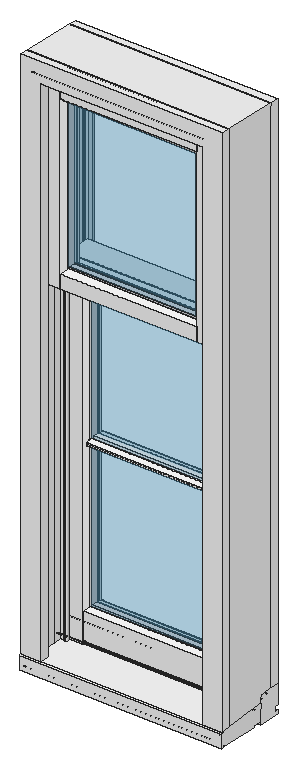
Revit family "S1-12", category Generic Models, Revit 2012 (continued)
Automatic sketch dimensions
  Extrusion 30 sketch curve to Extrusion 30 sketch curve = 9 mm  (x2)
  plane 1 "Center (Front/Back)" to Extrusion 30 sketch curve = 6 mm
  Extrusion 30 sketch curve to Extrusion 30 sketch curve = 34 mm
  Extrusion 30 sketch curve to Extrusion 30 sketch curve = 6 mm
  Extrusion 30 sketch curve to Extrusion 30 sketch curve = 10 mm  (x2)
  Extrusion 30 sketch curve to Extrusion 30 sketch curve = 5 mm
  plane 10 to Extrusion 30 sketch curve = 13 mm
  Extrusion 30 sketch curve to Extrusion 30 sketch curve = 2 mm
  Extrusion 32 sketch curve to plane 18 = 0 mm  (x3)
  Extrusion 32 sketch curve to plane 18 = 3 mm  (x2)
  Extrusion 32 sketch curve to Extrusion 32 sketch curve = 3 mm  (x2)
  Extrusion 32 sketch curve to plane 18 = 9 mm
  Extrusion 32 sketch curve to Extrusion 32 sketch curve = 31 mm
  Extrusion 32 sketch curve to plane 1 "Center (Front/Back)" = 5 mm
  Extrusion 32 sketch curve to Extrusion 32 sketch curve = 6 mm
  Extrusion 32 sketch curve to Extrusion 32 sketch curve = 10 mm  (x3)
  Extrusion 32 sketch curve to Extrusion 32 sketch curve = 5 mm
  Extrusion 32 sketch curve to Extrusion 32 sketch curve = 12 mm
  Extrusion 32 sketch curve to Extrusion 32 sketch curve = 9 mm
  Extrusion 32 sketch curve to plane 9 = 5 mm
  plane 4 to Sweep 34 sketch curve = 0.101 mm  (x2)
  profile plane to Sweep 34 sketch curve = 0 mm
  profile plane to Sweep 34 sketch curve = 15 mm  (x2)
  Sweep 34 sketch curve to Sweep 34 sketch curve = 8 mm  (x2)
  Sweep 34 sketch curve to profile plane = 4 mm
  profile plane to Sweep 34 sketch curve = 25 mm
  Sweep 34 sketch curve to Sweep 34 sketch curve = 3.765 mm
  Sweep 34 sketch curve to Sweep 34 sketch curve = 0.669 mm  (x3)
  Sweep 34 sketch curve to Sweep 34 sketch curve = 9 mm  (x2)
  Sweep 34 sketch curve to Sweep 34 sketch curve = 0 mm  (x3)
  Sweep 34 sketch curve to profile plane = 67 mm
  Sweep 34 sketch curve to Sweep 34 sketch curve = 5 mm  (x2)
  profile plane to Sweep 34 sketch curve = 4 mm
  Sweep 34 sketch curve to Sweep 34 sketch curve = 14.851 mm
  Sweep 34 sketch curve to Sweep 34 sketch curve = 1.898 mm
  Sweep 34 sketch curve to Sweep 34 sketch curve = 2.674 mm
  Sweep 34 sketch curve to Sweep 34 sketch curve = 43.577 mm
  plane 1 "Center (Front/Back)" to Sweep 35 sketch curve = 0 mm
  plane 6 to Sweep 35 sketch curve = 30 mm
  plane 8 to Sweep 35 sketch curve = 89 mm
  profile plane to Sweep 35 sketch curve = 30.213 mm
  profile plane to Sweep 35 sketch curve = 103.128 mm
  Sweep 35 sketch curve to Sweep 35 sketch curve = 12.055 mm
  profile plane to Sweep 35 sketch curve = 33.089 mm
  Sweep 35 sketch curve to Sweep 35 sketch curve = 2.633 mm
  Sweep 35 sketch curve to Sweep 35 sketch curve = 0.366 mm
  Sweep 35 sketch curve to profile plane = 6.667 mm
  Sweep 35 sketch curve to Sweep 35 sketch curve = 3.377 mm
  Sweep 35 sketch curve to Sweep 35 sketch curve = 1.757 mm
  Sweep 35 sketch curve to Sweep 35 sketch curve = 0.707 mm
  Sweep 35 sketch curve to Sweep 35 sketch curve = 0.579 mm
  Sweep 35 sketch curve to Sweep 35 sketch curve = 19.827 mm
  Sweep 35 sketch curve to Sweep 35 sketch curve = 13.588 mm
  Sweep 35 sketch curve to Sweep 35 sketch curve = 3.821 mm
  Sweep 35 sketch curve to Sweep 35 sketch curve = 0.535 mm
  Sweep 35 sketch curve to Sweep 35 sketch curve = 1.783 mm
  Sweep 35 sketch curve to Sweep 35 sketch curve = 0.699 mm
  Sweep 35 sketch curve to Sweep 35 sketch curve = 0.899 mm
  Sweep 35 sketch curve to Sweep 35 sketch curve = 12.674 mm
  Sweep 35 sketch curve to Sweep 35 sketch curve = 34.959 mm
  Sweep 35 sketch curve to profile plane = 6.095 mm
  profile plane to Sweep 35 sketch curve = 40.898 mm
  Sweep 35 sketch curve to Sweep 35 sketch curve = 0.998 mm
  Sweep 35 sketch curve to Sweep 35 sketch curve = 3.869 mm
  Sweep 35 sketch curve to Sweep 35 sketch curve = 0.585 mm
  Sweep 35 sketch curve to Sweep 35 sketch curve = 5.119 mm
  Sweep 35 sketch curve to Sweep 35 sketch curve = 4.913 mm
  Sweep 35 sketch curve to Sweep 35 sketch curve = 3 mm
  Sweep 35 sketch curve to Sweep 35 sketch curve = 1.935 mm
  Sweep 35 sketch curve to Sweep 35 sketch curve = 0.995 mm
  Sweep 35 sketch curve to Sweep 35 sketch curve = 4.893 mm
  Sweep 35 sketch curve to Sweep 35 sketch curve = 3.46 mm
  Sweep 35 sketch curve to Sweep 35 sketch curve = 0.171 mm
  Sweep 35 sketch curve to Sweep 35 sketch curve = 0.66 mm
  Sweep 35 sketch curve to Sweep 35 sketch curve = 5.34 mm
  Extrusion 36 sketch curve to plane 31 = 2 mm
  Extrusion 36 sketch curve to plane 34 = 10 mm  (x2)
  Extrusion 36 sketch curve to Extrusion 36 sketch curve = 2 mm  (x4)
  Extrusion 36 sketch curve to plane 34 = 2.5 mm  (x2)
  plane 34 to Extrusion 36 sketch curve = 2.5 mm  (x2)
  plane 34 to Extrusion 36 sketch curve = 8 mm
  plane 34 to Extrusion 36 sketch curve = 10 mm
  Extrusion 36 sketch curve to Extrusion 36 sketch curve = 2.8 mm  (x2)
  Extrusion 36 sketch curve to plane 1 "Center (Front/Back)" = 8.038 mm
  Extrusion 36 sketch curve to Extrusion 36 sketch curve = 0 mm
  plane 31 to Extrusion 36 sketch curve = 6 mm
  Extrusion 36 sketch curve to Extrusion 36 sketch curve = 2.5 mm  (x2)
  Extrusion 36 sketch curve to plane 9 = 4.008 mm  (x2)
  Extrusion 38 sketch curve to plane 9 = 16.587 mm
  Extrusion 38 sketch curve to Extrusion 38 sketch curve = 0.838 mm
  Extrusion 38 sketch curve to Extrusion 38 sketch curve = 0.12 mm
  Extrusion 38 sketch curve to Extrusion 38 sketch curve = 4.013 mm
  Extrusion 38 sketch curve to Extrusion 38 sketch curve = 0.852 mm
  Extrusion 38 sketch curve to Extrusion 38 sketch curve = 0.391 mm
  Extrusion 38 sketch curve to Extrusion 38 sketch curve = 1.04 mm
  plane 4 to Extrusion 38 sketch curve = 34.388 mm
  Extrusion 38 sketch curve to Extrusion 38 sketch curve = 0.368 mm
  Extrusion 38 sketch curve to Extrusion 38 sketch curve = 0.593 mm
  Extrusion 38 sketch curve to Extrusion 38 sketch curve = 0.96 mm
  Extrusion 38 sketch curve to Extrusion 38 sketch curve = 0.868 mm
  Extrusion 38 sketch curve to Extrusion 38 sketch curve = 4.578 mm
  Extrusion 38 sketch curve to Extrusion 38 sketch curve = 0.826 mm
  Extrusion 38 sketch curve to Extrusion 38 sketch curve = 0.954 mm
  Extrusion 38 sketch curve to Extrusion 38 sketch curve = 0.729 mm
  Extrusion 39 sketch curve to Extrusion 39 sketch curve = 0 mm  (x6)
  Extrusion 39 sketch curve to plane 9 = 19.949 mm
  Extrusion 39 sketch curve to Extrusion 39 sketch curve = 0.504 mm
  Extrusion 39 sketch curve to Extrusion 39 sketch curve = 0.692 mm
  Extrusion 39 sketch curve to Extrusion 39 sketch curve = 0.009 mm
  Extrusion 39 sketch curve to Extrusion 39 sketch curve = 2.715 mm
  Extrusion 39 sketch curve to Extrusion 39 sketch curve = 0.308 mm  (x2)
  Extrusion 39 sketch curve to Extrusion 39 sketch curve = 0.273 mm
  Extrusion 39 sketch curve to Extrusion 39 sketch curve = 0.062 mm  (x2)
  Extrusion 39 sketch curve to Extrusion 39 sketch curve = 0.085 mm
  Extrusion 39 sketch curve to Extrusion 39 sketch curve = 2.389 mm
  Extrusion 39 sketch curve to Extrusion 39 sketch curve = 4.624 mm
  Extrusion 39 sketch curve to Extrusion 39 sketch curve = 0.414 mm
  Extrusion 39 sketch curve to Extrusion 39 sketch curve = 0.507 mm
  Extrusion 39 sketch curve to Extrusion 39 sketch curve = 0.347 mm
  Extrusion 39 sketch curve to Extrusion 39 sketch curve = 4.117 mm
  Extrusion 39 sketch curve to Extrusion 39 sketch curve = 0.122 mm
  Extrusion 39 sketch curve to Extrusion 39 sketch curve = 3.078 mm
  Extrusion 39 sketch curve to Extrusion 39 sketch curve = 0.981 mm
  Extrusion 39 sketch curve to Extrusion 39 sketch curve = 0.5 mm
  plane 4 to Extrusion 39 sketch curve = 28.091 mm
  Extrusion 39 sketch curve to Extrusion 39 sketch curve = 0.394 mm  (x2)
  Extrusion 39 sketch curve to Extrusion 39 sketch curve = 0.501 mm
  Extrusion 39 sketch curve to Extrusion 39 sketch curve = 3.233 mm
  Extrusion 39 sketch curve to Extrusion 39 sketch curve = 0.097 mm
  Extrusion 39 sketch curve to Extrusion 39 sketch curve = 0.246 mm
  Extrusion 39 sketch curve to Extrusion 39 sketch curve = 0.537 mm
  Extrusion 39 sketch curve to Extrusion 39 sketch curve = 0.53 mm
  Extrusion 39 sketch curve to Extrusion 39 sketch curve = 2.566 mm
  Extrusion 39 sketch curve to Extrusion 39 sketch curve = 0.002 mm
  Extrusion 39 sketch curve to Extrusion 39 sketch curve = 1.017 mm
  Extrusion 39 sketch curve to Extrusion 39 sketch curve = 0.43 mm
  Extrusion 39 sketch curve to Extrusion 39 sketch curve = 3.279 mm
  Extrusion 39 sketch curve to Extrusion 39 sketch curve = 0.955 mm
  Extrusion 39 sketch curve to Extrusion 39 sketch curve = 1.205 mm
  Extrusion 40 sketch curve to plane 1 "Center (Front/Back)" = 9.582 mm
  Extrusion 40 sketch curve to Extrusion 40 sketch curve = 0.838 mm
  Extrusion 40 sketch curve to Extrusion 40 sketch curve = 0.12 mm
  Extrusion 40 sketch curve to Extrusion 40 sketch curve = 4.013 mm
  Extrusion 40 sketch curve to Extrusion 40 sketch curve = 0.852 mm
  Extrusion 40 sketch curve to Extrusion 40 sketch curve = 0.391 mm
  Extrusion 40 sketch curve to Extrusion 40 sketch curve = 1.04 mm
  plane 4 to Extrusion 40 sketch curve = 14.358 mm
  Extrusion 40 sketch curve to Extrusion 40 sketch curve = 0.368 mm
  Extrusion 40 sketch curve to Extrusion 40 sketch curve = 0.593 mm
  Extrusion 40 sketch curve to Extrusion 40 sketch curve = 0.96 mm
  Extrusion 40 sketch curve to Extrusion 40 sketch curve = 0.868 mm
  Extrusion 40 sketch curve to Extrusion 40 sketch curve = 4.578 mm
  Extrusion 40 sketch curve to Extrusion 40 sketch curve = 0.826 mm
  Extrusion 40 sketch curve to Extrusion 40 sketch curve = 0.954 mm
  Extrusion 40 sketch curve to Extrusion 40 sketch curve = 0.729 mm
  Extrusion 41 sketch curve to Extrusion 41 sketch curve = 0 mm  (x6)
  Extrusion 41 sketch curve to plane 1 "Center (Front/Back)" = 6.219 mm
  Extrusion 41 sketch curve to Extrusion 41 sketch curve = 0.504 mm
  Extrusion 41 sketch curve to Extrusion 41 sketch curve = 0.692 mm
  Extrusion 41 sketch curve to Extrusion 41 sketch curve = 0.009 mm
  Extrusion 41 sketch curve to Extrusion 41 sketch curve = 2.715 mm
  Extrusion 41 sketch curve to Extrusion 41 sketch curve = 0.308 mm  (x2)
  Extrusion 41 sketch curve to Extrusion 41 sketch curve = 0.273 mm
  Extrusion 41 sketch curve to Extrusion 41 sketch curve = 0.062 mm  (x2)
  Extrusion 41 sketch curve to Extrusion 41 sketch curve = 0.085 mm
  Extrusion 41 sketch curve to Extrusion 41 sketch curve = 2.389 mm
  Extrusion 41 sketch curve to Extrusion 41 sketch curve = 4.624 mm
  Extrusion 41 sketch curve to Extrusion 41 sketch curve = 0.414 mm
  plane 4 to Extrusion 41 sketch curve = 9.363 mm
  Extrusion 41 sketch curve to Extrusion 41 sketch curve = 0.507 mm
  Extrusion 41 sketch curve to Extrusion 41 sketch curve = 0.347 mm
  Extrusion 41 sketch curve to Extrusion 41 sketch curve = 4.117 mm
  Extrusion 41 sketch curve to Extrusion 41 sketch curve = 0.122 mm
  Extrusion 41 sketch curve to Extrusion 41 sketch curve = 3.078 mm
  Extrusion 41 sketch curve to Extrusion 41 sketch curve = 0.981 mm
  Extrusion 41 sketch curve to Extrusion 41 sketch curve = 0.5 mm
  Extrusion 41 sketch curve to Extrusion 41 sketch curve = 0.407 mm
  Extrusion 41 sketch curve to Extrusion 41 sketch curve = 0.394 mm  (x2)
  Extrusion 41 sketch curve to Extrusion 41 sketch curve = 3.233 mm
  Extrusion 41 sketch curve to Extrusion 41 sketch curve = 0.097 mm
  Extrusion 41 sketch curve to Extrusion 41 sketch curve = 0.246 mm
  Extrusion 41 sketch curve to Extrusion 41 sketch curve = 0.537 mm
  Extrusion 41 sketch curve to Extrusion 41 sketch curve = 0.53 mm
  Extrusion 41 sketch curve to Extrusion 41 sketch curve = 2.566 mm
  Extrusion 41 sketch curve to Extrusion 41 sketch curve = 0.002 mm
  Extrusion 41 sketch curve to Extrusion 41 sketch curve = 1.017 mm
  Extrusion 41 sketch curve to Extrusion 41 sketch curve = 0.43 mm
  Extrusion 41 sketch curve to Extrusion 41 sketch curve = 3.279 mm
  Extrusion 41 sketch curve to Extrusion 41 sketch curve = 0.955 mm
  Extrusion 41 sketch curve to Extrusion 41 sketch curve = 1.205 mm
  Extrusion 42 sketch curve to plane 30 = 4.964 mm
  Extrusion 42 sketch curve to Extrusion 42 sketch curve = 0.838 mm
  Extrusion 42 sketch curve to Extrusion 42 sketch curve = 0.12 mm
  plane 29 to Extrusion 42 sketch curve = 0.186 mm
  Extrusion 42 sketch curve to plane 29 = 0.667 mm
  Extrusion 42 sketch curve to Extrusion 42 sketch curve = 0.391 mm
  Extrusion 42 sketch curve to Extrusion 42 sketch curve = 1.04 mm
  Extrusion 42 sketch curve to plane 1 "Center (Front/Back)" = 2.891 mm
  Extrusion 42 sketch curve to Extrusion 42 sketch curve = 0.368 mm
  Extrusion 42 sketch curve to plane 1 "Center (Front/Back)" = 3.484 mm
  Extrusion 42 sketch curve to Extrusion 42 sketch curve = 0.96 mm
  Extrusion 42 sketch curve to Extrusion 42 sketch curve = 0.868 mm
  Extrusion 42 sketch curve to Extrusion 42 sketch curve = 4.578 mm
  Extrusion 42 sketch curve to Extrusion 42 sketch curve = 0.826 mm
  Extrusion 42 sketch curve to Extrusion 42 sketch curve = 0.954 mm
  Extrusion 42 sketch curve to Extrusion 42 sketch curve = 0.729 mm
  Extrusion 43 sketch curve to Extrusion 43 sketch curve = 0 mm  (x6)
  Extrusion 43 sketch curve to plane 30 = 1.601 mm
  Extrusion 43 sketch curve to Extrusion 43 sketch curve = 0.504 mm
  Extrusion 43 sketch curve to Extrusion 43 sketch curve = 0.692 mm
  Extrusion 43 sketch curve to Extrusion 43 sketch curve = 0.009 mm
  Extrusion 43 sketch curve to plane 1 "Center (Front/Back)" = 0.723 mm
  Extrusion 43 sketch curve to Extrusion 43 sketch curve = 2.715 mm
  Extrusion 43 sketch curve to plane 1 "Center (Front/Back)" = 1.117 mm
  Extrusion 43 sketch curve to Extrusion 43 sketch curve = 0.308 mm  (x2)
  Extrusion 43 sketch curve to plane 1 "Center (Front/Back)" = 2.826 mm
  Extrusion 43 sketch curve to Extrusion 43 sketch curve = 0.273 mm
  Extrusion 43 sketch curve to Extrusion 43 sketch curve = 0.062 mm
  Extrusion 43 sketch curve to Extrusion 43 sketch curve = 0.085 mm
  plane 29 to Extrusion 43 sketch curve = 2.791 mm
  plane 29 to Extrusion 43 sketch curve = 2.579 mm
  Extrusion 43 sketch curve to Extrusion 43 sketch curve = 0.414 mm
  Extrusion 43 sketch curve to Extrusion 43 sketch curve = 0.507 mm
  Extrusion 43 sketch curve to Extrusion 43 sketch curve = 0.347 mm
  plane 29 to Extrusion 43 sketch curve = 0.482 mm
  plane 29 to Extrusion 43 sketch curve = 0.361 mm
  plane 29 to Extrusion 43 sketch curve = 0.299 mm
  Extrusion 43 sketch curve to plane 29 = 0.499 mm  (x2)
  Extrusion 43 sketch curve to plane 29 = 0.999 mm
  plane 1 "Center (Front/Back)" to Extrusion 43 sketch curve = 1.74 mm
  Extrusion 43 sketch curve to Extrusion 43 sketch curve = 0.363 mm
  Extrusion 43 sketch curve to Extrusion 43 sketch curve = 0.407 mm
  Extrusion 43 sketch curve to plane 1 "Center (Front/Back)" = 0.82 mm
  Extrusion 43 sketch curve to Extrusion 43 sketch curve = 0.246 mm
  Extrusion 43 sketch curve to plane 1 "Center (Front/Back)" = 2.86 mm
  Extrusion 43 sketch curve to Extrusion 43 sketch curve = 2.566 mm
  Extrusion 43 sketch curve to Extrusion 43 sketch curve = 0.002 mm
  Extrusion 43 sketch curve to Extrusion 43 sketch curve = 1.017 mm
  Extrusion 43 sketch curve to Extrusion 43 sketch curve = 0.43 mm
  Extrusion 43 sketch curve to Extrusion 43 sketch curve = 3.279 mm
  Extrusion 43 sketch curve to Extrusion 43 sketch curve = 0.955 mm
  Extrusion 43 sketch curve to Extrusion 43 sketch curve = 1.205 mm
  plane 29 to Extrusion 44 sketch curve = 1.928 mm
  Extrusion 44 sketch curve to Extrusion 44 sketch curve = 0.702 mm
  Extrusion 44 sketch curve to Extrusion 44 sketch curve = 0.075 mm
  Extrusion 44 sketch curve to plane 30 = 2.414 mm
  Extrusion 44 sketch curve to Extrusion 44 sketch curve = 0.606 mm
  Extrusion 44 sketch curve to Extrusion 44 sketch curve = 0.637 mm
  Extrusion 44 sketch curve to plane 30 = 0.131 mm
  plane 1 "Center (Front/Back)" to Extrusion 44 sketch curve = 4.221 mm
  Extrusion 44 sketch curve to Extrusion 44 sketch curve = 0.208 mm
  Extrusion 44 sketch curve to Extrusion 44 sketch curve = 0.602 mm
  plane 1 "Center (Front/Back)" to Extrusion 44 sketch curve = 4.907 mm
  Extrusion 44 sketch curve to Extrusion 44 sketch curve = 0.535 mm
  Extrusion 44 sketch curve to Extrusion 44 sketch curve = 4.439 mm
  Extrusion 44 sketch curve to Extrusion 44 sketch curve = 0.954 mm
  Extrusion 44 sketch curve to Extrusion 44 sketch curve = 0.013 mm
  Extrusion 44 sketch curve to Extrusion 44 sketch curve = 0.587 mm
  Extrusion 45 sketch curve to Extrusion 45 sketch curve = 0 mm  (x2)
  Extrusion 45 sketch curve to plane 29 = 1.755 mm
  Extrusion 45 sketch curve to Extrusion 45 sketch curve = 0.5 mm
  plane 29 to Extrusion 45 sketch curve = 0.86 mm
  Extrusion 45 sketch curve to Extrusion 45 sketch curve = 0.355 mm
  plane 29 to Extrusion 45 sketch curve = 1.281 mm
  Extrusion 45 sketch curve to Extrusion 45 sketch curve = 0.426 mm
  Extrusion 45 sketch curve to Extrusion 45 sketch curve = 0.854 mm
  Extrusion 45 sketch curve to Extrusion 45 sketch curve = 0.002 mm
  plane 29 to Extrusion 45 sketch curve = 3.209 mm
  Extrusion 45 sketch curve to Extrusion 45 sketch curve = 0.288 mm
  Extrusion 45 sketch curve to Extrusion 45 sketch curve = 0.248 mm
  Extrusion 45 sketch curve to plane 1 "Center (Front/Back)" = 1.164 mm
  Extrusion 45 sketch curve to Extrusion 45 sketch curve = 0.374 mm
  Extrusion 45 sketch curve to plane 1 "Center (Front/Back)" = 0.818 mm
  Extrusion 45 sketch curve to Extrusion 45 sketch curve = 0.37 mm
  Extrusion 45 sketch curve to plane 30 = 4.807 mm
  Extrusion 45 sketch curve to plane 30 = 2.242 mm
  Extrusion 45 sketch curve to Extrusion 45 sketch curve = 0.163 mm
  Extrusion 45 sketch curve to Extrusion 45 sketch curve = 0.02 mm
  Extrusion 45 sketch curve to Extrusion 45 sketch curve = 0.042 mm
  Extrusion 45 sketch curve to Extrusion 45 sketch curve = 0.434 mm
  Extrusion 45 sketch curve to plane 30 = 0.761 mm
  Extrusion 45 sketch curve to Extrusion 45 sketch curve = 0.215 mm
  plane 1 "Center (Front/Back)" to Extrusion 45 sketch curve = 1.352 mm
  plane 1 "Center (Front/Back)" to Extrusion 45 sketch curve = 1.375 mm
  Extrusion 45 sketch curve to Extrusion 45 sketch curve = 0.26 mm
  Extrusion 45 sketch curve to Extrusion 45 sketch curve = 0.366 mm
  Extrusion 45 sketch curve to Extrusion 45 sketch curve = 0.77 mm
  Extrusion 45 sketch curve to Extrusion 45 sketch curve = 0.041 mm
  plane 1 "Center (Front/Back)" to Extrusion 45 sketch curve = 4.382 mm
  Extrusion 45 sketch curve to Extrusion 45 sketch curve = 0.497 mm
  Extrusion 45 sketch curve to Extrusion 45 sketch curve = 0.336 mm
  Extrusion 45 sketch curve to Extrusion 45 sketch curve = 0.124 mm
  Extrusion 45 sketch curve to Extrusion 45 sketch curve = 4.03 mm
  Extrusion 45 sketch curve to Extrusion 45 sketch curve = 0.955 mm
  Extrusion 45 sketch curve to Extrusion 45 sketch curve = 1.238 mm
  plane 14 to Extrusion 46 sketch curve = 0.791 mm
  plane 1 "Center (Front/Back)" to Extrusion 46 sketch curve = 21.462 mm
  Extrusion 46 sketch curve to Extrusion 46 sketch curve = 0.783 mm
  Extrusion 46 sketch curve to Extrusion 46 sketch curve = 0.015 mm
  plane 14 to Extrusion 46 sketch curve = 0.501 mm
  Extrusion 46 sketch curve to Extrusion 46 sketch curve = 5.086 mm
  Extrusion 46 sketch curve to Extrusion 46 sketch curve = 0.852 mm  (x2)
  Extrusion 46 sketch curve to Extrusion 46 sketch curve = 1.04 mm
  Extrusion 46 sketch curve to plane 14 = 2.372 mm
  Extrusion 46 sketch curve to Extrusion 46 sketch curve = 0.6 mm
  Extrusion 46 sketch curve to Extrusion 46 sketch curve = 0.954 mm  (x2)
  Extrusion 46 sketch curve to Extrusion 46 sketch curve = 0.545 mm
  Extrusion 47 sketch curve to Extrusion 47 sketch curve = 0 mm  (x10)
  Extrusion 47 sketch curve to plane 13 = 1.116 mm
  plane 1 "Center (Front/Back)" to Extrusion 47 sketch curve = 24.539 mm
  Extrusion 47 sketch curve to plane 13 = 1.323 mm
  Extrusion 47 sketch curve to Extrusion 47 sketch curve = 0.5 mm  (x4)
  Extrusion 47 sketch curve to plane 13 = 0.205 mm
  Extrusion 47 sketch curve to Extrusion 47 sketch curve = 2.378 mm
  Extrusion 47 sketch curve to plane 13 = 0.559 mm
  Extrusion 47 sketch curve to Extrusion 47 sketch curve = 0.354 mm  (x3)
  Extrusion 47 sketch curve to Extrusion 47 sketch curve = 0.707 mm
  plane 13 to Extrusion 47 sketch curve = 3.235 mm
  Extrusion 47 sketch curve to Extrusion 47 sketch curve = 1.473 mm
  plane 13 to Extrusion 47 sketch curve = 2.882 mm
  Extrusion 47 sketch curve to Extrusion 47 sketch curve = 0.315 mm  (x2)
  Extrusion 47 sketch curve to Extrusion 47 sketch curve = 2.239 mm
  Extrusion 47 sketch curve to Extrusion 47 sketch curve = 0.32 mm
  Extrusion 47 sketch curve to plane 14 = 0 mm
  Extrusion 47 sketch curve to Extrusion 47 sketch curve = 1.581 mm
  Extrusion 47 sketch curve to Extrusion 47 sketch curve = 0.136 mm
  Extrusion 47 sketch curve to Extrusion 47 sketch curve = 0.899 mm
  Extrusion 47 sketch curve to plane 14 = 1.354 mm
  Extrusion 47 sketch curve to Extrusion 47 sketch curve = 1.177 mm
  Extrusion 47 sketch curve to Extrusion 47 sketch curve = 0.886 mm
  Extrusion 47 sketch curve to Extrusion 47 sketch curve = 2.346 mm
  Extrusion 47 sketch curve to Extrusion 47 sketch curve = 0.069 mm
  Extrusion 47 sketch curve to Extrusion 47 sketch curve = 0.388 mm
  Extrusion 47 sketch curve to plane 14 = 0.481 mm
  plane 14 to Extrusion 47 sketch curve = 0.734 mm
  Extrusion 47 sketch curve to Extrusion 47 sketch curve = 0.984 mm
  Extrusion 48 sketch curve to plane 10 = 0 mm  (x2)
  Extrusion 48 sketch curve to plane 10 = 0.972 mm  (x2)
  Extrusion 48 sketch curve to Extrusion 48 sketch curve = 1.528 mm
  Extrusion 48 sketch curve to Extrusion 48 sketch curve = 0.5 mm  (x2)
  Extrusion 48 sketch curve to Extrusion 48 sketch curve = 0.574 mm  (x2)
  Extrusion 48 sketch curve to Extrusion 48 sketch curve = 0.813 mm
  Extrusion 48 sketch curve to Extrusion 48 sketch curve = 0 mm  (x5)
  Extrusion 48 sketch curve to Extrusion 48 sketch curve = 0.85 mm
  Extrusion 48 sketch curve to Extrusion 48 sketch curve = 0.61 mm
  Extrusion 48 sketch curve to Extrusion 48 sketch curve = 0.895 mm  (x4)
  Extrusion 48 sketch curve to Extrusion 48 sketch curve = 1.681 mm
  Extrusion 48 sketch curve to plane 14 = 9.014 mm
  Extrusion 48 sketch curve to Extrusion 48 sketch curve = 1 mm  (x2)
  Extrusion 48 sketch curve to Extrusion 48 sketch curve = 1.25 mm  (x3)
  Extrusion 48 sketch curve to Extrusion 48 sketch curve = 0.028 mm
  Extrusion 48 sketch curve to Extrusion 48 sketch curve = 0.867 mm  (x2)
  Extrusion 48 sketch curve to Extrusion 48 sketch curve = 0.355 mm
  Extrusion 48 sketch curve to Extrusion 48 sketch curve = 0.71 mm  (x2)
  Extrusion 48 sketch curve to Extrusion 48 sketch curve = 2.5 mm
  Extrusion 49 sketch curve to plane 10 = 2.5 mm
  Extrusion 49 sketch curve to plane 10 = 0.972 mm  (x2)
  plane 10 to Extrusion 49 sketch curve = 0.273 mm  (x2)
  Extrusion 49 sketch curve to Extrusion 49 sketch curve = 4.772 mm
  Extrusion 49 sketch curve to Extrusion 49 sketch curve = 0 mm  (x2)
  Extrusion 49 sketch curve to Extrusion 49 sketch curve = 0.921 mm  (x3)
  Extrusion 49 sketch curve to plane 14 = 8.014 mm
  Extrusion 49 sketch curve to Extrusion 49 sketch curve = 1.255 mm
  Extrusion 49 sketch curve to Extrusion 49 sketch curve = 0.719 mm  (x2)
  Extrusion 49 sketch curve to Extrusion 49 sketch curve = 1.052 mm
  Extrusion 49 sketch curve to Extrusion 49 sketch curve = 3.157 mm
  Extrusion 49 sketch curve to Extrusion 49 sketch curve = 1.974 mm
  Extrusion 50 sketch curve to plane 14 = 1.188 mm
  Extrusion 50 sketch curve to plane 14 = 2.109 mm
  Extrusion 50 sketch curve to Extrusion 50 sketch curve = 0.921 mm  (x3)
  plane 9 to Extrusion 50 sketch curve = 0.254 mm  (x2)
  Extrusion 50 sketch curve to Extrusion 50 sketch curve = 1.273 mm
  plane 9 to Extrusion 50 sketch curve = 1.526 mm
  Extrusion 50 sketch curve to plane 14 = 2.443 mm
  Extrusion 50 sketch curve to Extrusion 50 sketch curve = 0.735 mm  (x2)
  Extrusion 50 sketch curve to Extrusion 50 sketch curve = 0.609 mm
  Extrusion 50 sketch curve to Extrusion 50 sketch curve = 1.461 mm
  Extrusion 50 sketch curve to plane 14 = 0.982 mm
  Extrusion 50 sketch curve to plane 9 = 4.518 mm
  Extrusion 50 sketch curve to Extrusion 50 sketch curve = 1.5 mm
  Extrusion 50 sketch curve to Extrusion 50 sketch curve = 3.668 mm
  Extrusion 51 sketch curve to Extrusion 51 sketch curve = 0.921 mm  (x4)
  plane 1 "Center (Front/Back)" to Extrusion 51 sketch curve = 3.908 mm
  Extrusion 51 sketch curve to Extrusion 51 sketch curve = 0 mm
  Extrusion 51 sketch curve to Extrusion 51 sketch curve = 1.273 mm
  plane 1 "Center (Front/Back)" to Extrusion 51 sketch curve = 2.635 mm
  Extrusion 51 sketch curve to plane 14 = 11.193 mm
  Extrusion 51 sketch curve to Extrusion 51 sketch curve = 1.184 mm
  Extrusion 51 sketch curve to Extrusion 51 sketch curve = 2.439 mm
  Extrusion 51 sketch curve to Extrusion 51 sketch curve = 0.735 mm  (x2)
  Extrusion 51 sketch curve to Extrusion 51 sketch curve = 0.652 mm
  Extrusion 51 sketch curve to Extrusion 51 sketch curve = 2.789 mm
  Extrusion 51 sketch curve to Extrusion 51 sketch curve = 4.772 mm
  plane 1 "Center (Front/Back)" to Extrusion 51 sketch curve = 1.135 mm
  Extrusion 51 sketch curve to Extrusion 51 sketch curve = 3.174 mm
  Extrusion 52 sketch curve to plane 9 = 5.44 mm
  Extrusion 52 sketch curve to Extrusion 52 sketch curve = 0.921 mm  (x4)
  plane 9 to Extrusion 52 sketch curve = 0.254 mm  (x2)
  plane 9 to Extrusion 52 sketch curve = 1.526 mm  (x2)
  Extrusion 52 sketch curve to Extrusion 52 sketch curve = 1.5 mm
  plane 4 to Extrusion 52 sketch curve = 39.982 mm
  Extrusion 52 sketch curve to Extrusion 52 sketch curve = 0.158 mm
  Extrusion 52 sketch curve to Extrusion 52 sketch curve = 1.413 mm  (x2)
  Extrusion 52 sketch curve to Extrusion 52 sketch curve = 0.735 mm  (x2)
  Extrusion 52 sketch curve to Extrusion 52 sketch curve = 0.704 mm
  Extrusion 52 sketch curve to Extrusion 52 sketch curve = 2.841 mm
  radius of Extrusion 13 sketch curve = 5 mm
  radius of Extrusion 13 sketch curve = 8.5 mm
  radius of Extrusion 23 sketch curve = 5 mm
  radius of Extrusion 23 sketch curve = 8.5 mm
  radius of Extrusion 31 sketch curve = 5 mm
  radius of Extrusion 31 sketch curve = 8.5 mm
  radius of Extrusion 33 sketch curve = 5 mm
  radius of Extrusion 33 sketch curve = 8.5 mm
Types (3, lengths in mm): name | Width | Height | GlazingPanelMaterial | Floor Material
  Window Sill drawing | 511 | 1397 | Glass | White
  Access Manager | 1250 | 1250 | none | none
  window family | 511 | 1397 | Glass | 1.12A ANCHOR FIXING
